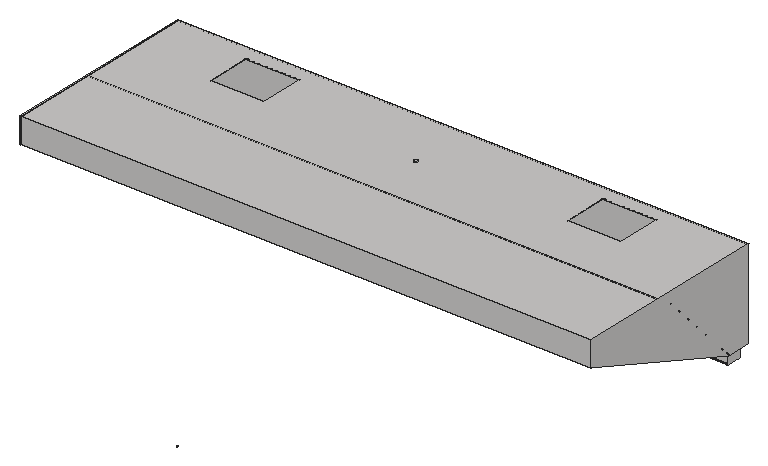
Revit family "QF_ELECTROLUXPROFESSIONAL_644196_AMPV1132BT", category Attrezzature speciali, Revit 2021
Family settings
  Quota connettore circolare = Usa diametro
  Tipo di parte = Normale
  Basato su piano di lavoro = No
  Sempre verticale = Sì
  Taglio con vuoti quando caricato = No
  Condiviso = No
  Punto di calcolo locali = No
Parameters (values of type "Standard")
  Weight = 196.00 kg
  Watts = 840 W
  Volts = 220 V
  URL Manufacturer = "https://www.electroluxprofessional.com/"
  URL = "https://www.electroluxprofessional.com/"
  Steam Supply Size = 0 mm
  Steam Supply Minimum Pressure = 0.0 Pa
  Steam Supply Maximum Pressure = 0.0 Pa
  Steam Consumption per Hour = 0
  Refrigeration Suction Line Size = 0 mm
  Refrigeration Liquid Line Size = 0 mm
  Refrigerant Compressor Remote = yes
  Prospetto di default = 0 mm
  Produttore = "Electrolux Professional"
  Phase = 1
  Modello = "AMPV1132BT"
  Length Actual = 3200 mm  # constant formula
  Item Number = "644196"
  Hot Water Size = 0 mm
  Height Actual = 500 mm  # constant formula
  HP = "1.1 HP"
  Gas Size = 0 mm
  Gas KW = 0
  Gas Input Pressure = 0 W
  Direct Waste Size = 0 mm
  Descrizione = "430 S/S WALL HOOD+FILTERS+FAN 3200X1100"
  Depth Actual = 1100 mm  # constant formula
  Cycle = 50 Hz
  Condensate Return Size = 0 mm
  Compressed Air Volume = 0.0 L/s
  Compressed Air Size = 0 mm
  Compressed Air Pressure = 0.0 Pa
  Cold Water Size = 0 mm
  Accessory = yes
Reference planes
  plane 1 "Center (Front/Back)": y = 0
  plane 2: z = 0
  plane 3 "Center (Left/Right)": x = 150
  plane 4 "LEFT": x = -1450
  plane 5 "RIGHT": x = 1750
  plane 6 "BACK": y = 550
  plane 7 "FRONT": y = -550
  plane 8 "Plane": z = 2000
  plane 9 "TOP": z = 2140
  plane 10 "Base": z = 1640
  plane 11: z = 1566
  plane 12 "DrainY": y = 485
  plane 13: x = -1447
  plane 14: through (0, 414.509, 1640.8) normal (0, 0.7314, 0.682)
  plane 15: y = 470
  plane 16: y = 220
  plane 17 "DrainX": x = 1630
  plane 18: x = -700
  plane 19: x = 1000
  plane 20: x = -1000
  plane 21: x = 1300
  plane 22: x = 1747
  plane 23: x = 1540
  plane 24: x = 1720
  plane 25: x = -1410
  plane 26: x = -1045
  plane 27: x = -650
  plane 28: x = 1710
  plane 29: x = 1345
  plane 30: x = 950
Forms (mm)
  Extrusion 1, solid, material "QF_Finishes_Stainless Steel"
    sketch origin (-1450, 0, 0) x (0, 1, 0) y (0, 0, 1)
      loop
        line (550, 1640) -> (550, 2140) -> (-550, 2140) -> (-550, 1999.112) -> (413.973, 1640) -> (550, 1640)
    from 0 to 3
  Extrusion 2, solid, material "QF_Finishes_Stainless Steel"
    sketch origin (150, 0, 0) x (0, 1, 0) y (0, 0, 1)
      loop
        line (415.255, 1640) -> (550, 1640) -> (550, 2139.19) -> (549.2, 2139.19) -> (549.2, 1640.8) -> (415.876, 1640.8) -> (339.347, 1722.867) -> (349.609, 1732.436) -> (348.927, 1733.167) -> (337.934, 1722.917) -> (415.255, 1640)
      loop
        line (-82.203, 2139.19) -> (-82.203, 2118.6) -> (-31.047, 2118.6) -> (34.354, 2048.466) -> (46.028, 2059.352) -> (45.346, 2060.083) -> (34.403, 2049.879) -> (-30.612, 2119.6) -> (-81.203, 2119.6) -> (-81.203, 2139.19) -> (-82.203, 2139.19)
    from -1597 to 1597
  Extrusion 3, solid, material "QF_Finishes_Stainless Steel"
    sketch origin (1750, 0, 0) x (0, 1, 0) y (0, 0, 1)
      loop
        line (550, 1640) -> (550, 2140) -> (-550, 2140) -> (-550, 1999.112) -> (413.973, 1640) -> (550, 1640)
    from 0 to -3
  Extrusion 4, solid, material "QF_Finishes_Stainless Steel"
    sketch origin (150, 0, 0) x (0, 1, 0) y (0, 0, 1)
      loop
        line (-550, 2140) -> (-550, 2000) -> (-549.2, 2000) -> (-549.2, 2139.19) -> (550, 2139.19) -> (550, 2140) -> (-550, 2140)
    from -1600 to 1600
  Extrusion 5, solid, material "QF_Finishes_Stainless Steel"
    sketch origin (150, 0, 0) x (0, 1, 0) y (0, 0, 1)
      loop
        line (534, 1640) -> (436, 1640) -> (436, 1627) -> (443.5, 1627) -> (443.5, 1576)
        arc (443.5, 1576) -> (446.429, 1568.929) -> (453.5, 1566) r 10
        line (453.5, 1566) -> (516.5, 1566)
        arc (516.5, 1566) -> (523.571, 1568.929) -> (526.5, 1576) r 10
        line (526.5, 1576) -> (526.5, 1627) -> (534, 1627) -> (534, 1640)
    from 1390 to 1570
  Extrusion 6, solid, material "QF_Finishes_Stainless Steel"
    sketch origin (0, 0, 1640) x (0, 1, 0) y (-1, 0, 0)
      loop
        circle (485, -1630) r 20
    from -76 to -74
  Extrusion 7, solid, material "QF_Finished_Chrome"
    sketch origin (150, 0, 0) x (0, 1, 0) y (0, 0, 1)
      loop
        line (337.934, 1722.917) -> (341.591, 1726.327) -> (38.011, 2051.876) -> (34.354, 2048.466) -> (337.934, 1722.917)
    from -1195 to -1560
  Extrusion 8, solid, material "QF_Finished_Chrome"
    sketch origin (150, 0, 0) x (0, 1, 0) y (0, 0, 1)
      loop
        line (337.934, 1722.917) -> (341.591, 1726.327) -> (38.011, 2051.876) -> (34.354, 2048.466) -> (337.934, 1722.917)
    from 800 to -800
  Extrusion 9, solid, material "QF_Finishes_Stainless Steel"
    sketch origin (150, 0, 0) x (0, 1, 0) y (0, 0, 1)
      loop
        line (337.934, 1722.917) -> (341.591, 1726.327) -> (38.011, 2051.876) -> (34.354, 2048.466) -> (337.934, 1722.917)
    from 1597 to 1560
  Extrusion 10, solid, material "QF_Finishes_Stainless Steel"
    sketch origin (150, 0, 0) x (0, 1, 0) y (0, 0, 1)
      loop
        line (341.588, 1726.324) -> (38.009, 2051.874) -> (34.354, 2048.466) -> (337.934, 1722.917) -> (341.588, 1726.324)
    from -1195 to -800
  Extrusion 11, solid, material "QF_Finished_Chrome"
    sketch origin (150, 0, 0) x (0, 1, 0) y (0, 0, 1)
      loop
        line (341.588, 1726.324) -> (38.009, 2051.874) -> (34.354, 2048.466) -> (337.934, 1722.917) -> (341.588, 1726.324)
    from 1195 to 1560
  Extrusion 12, void
    sketch origin (0, 0, 2140) x (0, 1, 0) y (-1, 0, 0)
      loop
        line (470, 1000) -> (220, 1000) -> (220, 700) -> (470, 700) -> (470, 1000)
    from 0 to -10
  Extrusion 13, void
    sketch origin (940, 0, 2140) x (0, 1, 0) y (-1, 0, 0)
      loop
        line (470, -60) -> (220, -60) -> (220, -360) -> (470, -360) -> (470, -60)
    from 0 to -10
  Extrusion 14, solid, material "QF_Finishes_Stainless Steel"
    sketch origin (0, 0, 0) x (1, 0, 0) y (0, 1, 0)
      loop
        line (-1450, 550) -> (-1450, 549) -> (-1449, 549) -> (-1449, 550) -> (-1450, 550)
    from 0 to 1
  Extrusion 15, solid, material "QF_Finishes_Stainless Steel"
    sketch origin (150, 0, 0) x (0, 1, 0) y (0, 0, 1)
      loop
        line (337.934, 1722.917) -> (341.591, 1726.327) -> (38.011, 2051.876) -> (34.354, 2048.466) -> (337.934, 1722.917)
    from -1560 to -1597
  Extrusion 16, solid, material "QF_Finishes_Stainless Steel"
    sketch origin (150, 0, 0) x (0, 1, 0) y (0, 0, -1)
      loop
        line (341.588, -1726.324) -> (337.934, -1722.917) -> (34.354, -2048.466) -> (38.009, -2051.874) -> (341.588, -1726.324)
    from -1195 to -800
  Extrusion 17, solid, material "QF_Finishes_Stainless Steel"
    sketch origin (0, 0, 2140) x (0, 1, 0) y (-1, 0, 0)
      loop
        circle (220, -150) r 10
    from 0 to 1.6
Cuts and joins
  Extrusion 12, Extrusion 13 cuts Extrusion 4
  joined: Extrusion 2, Extrusion 4
Lines and regions (mm)
  reference lines
    curve 1: line (150, 34.354, 2048.466) -> (150, 34.354, 1888.466)
  symbolic lines, style "SpecialityEquipment", detail levels coarse
    curve 2: line (1750, 550, 2140) -> (-1450, 550, 2140)
    curve 3: line (-1450, 550, 2140) -> (-1450, -550, 2140)
    curve 4: line (1750, -550, 2140) -> (1750, 550, 2140)
    curve 5: line (-1450, -550, 2140) -> (1750, -550, 2140)
    curve 6: line (-1000, 220, 2140) -> (-700, 220, 2140)
    curve 7: line (-1000, 470, 2140) -> (-1000, 220, 2140)
    curve 8: line (-700, 470, 2140) -> (-1000, 470, 2140)
    curve 9: line (-700, 220, 2140) -> (-700, 470, 2140)
    curve 10: line (1000, 470, 2140) -> (1000, 220, 2140)
    curve 11: line (1000, 220, 2140) -> (1300, 220, 2140)
    curve 12: line (1300, 470, 2140) -> (1000, 470, 2140)
    curve 13: line (1300, 220, 2140) -> (1300, 470, 2140)
    curve 14: line (-1450, -550, 0) -> (1750, 550, 0)
    curve 15: line (1750, -550, 0) -> (-1450, 550, 0)
Dimensions and locks
  plane 4 "LEFT" to plane 5 "RIGHT" = 3200 mm
  equal spacing: plane 4 "LEFT", plane 3 "Center (Left/Right)", plane 5 "RIGHT"
  locked: plane 8 "Plane" to level at 2000
  plane 9 "TOP" to plane 8 "Plane" = 140 mm
  locked: plane 9 "TOP" to plane 10 "Base" at 500
  plane 10 "Base" to plane 11 = 74 mm
  plane 6 "BACK" to plane 12 "DrainY" = 65 mm  (x2)
  plane 4 "LEFT" to plane 13 = 3 mm
  plane 6 "BACK" to plane 15 = 80 mm
  plane 15 to plane 16 = 250 mm  (x2)
  plane 17 "DrainX" to plane 5 "RIGHT" = 120 mm
  locked: plane 18 to plane 19 at 1700
  equal spacing: plane 18, plane 3 "Center (Left/Right)", plane 19
  plane 20 to plane 18 = 300 mm
  plane 19 to plane 21 = 300 mm
  plane 22 to plane 5 "RIGHT" = 3 mm
  locked: plane 23 to plane 17 "DrainX" at 90
  locked: plane 17 "DrainX" to plane 24 at 90
  plane 6 "BACK" to plane 7 "FRONT" = 1100 mm  (x2)
  equal spacing: plane 6 "BACK", plane 1 "Center (Front/Back)", plane 7 "FRONT"
  plane 16 to plane 7 "FRONT" = 770 mm
  plane 15 to plane 6 "BACK" = 80 mm
  locked: plane 4 "LEFT" to plane 25 at 40
  locked: plane 25 to plane 26 at 365
  locked: plane 26 to plane 27 at 395
  locked: plane 28 to plane 29 at 365
  locked: plane 29 to plane 30 at 395
  locked: plane 28 to plane 5 "RIGHT" at 40
  plane 27 to plane 30 = 1600 mm
  aligned and locked: level to plane 2
  aligned and locked: Extrusion 2 to Extrusion 1
  aligned and locked: Extrusion 2 to Extrusion 3
  aligned and locked: plane 5 "RIGHT" to Extrusion 4
  aligned and locked: Extrusion 4 to plane 4 "LEFT"
  aligned and locked: plane 22 to Extrusion 9
  aligned and locked: plane 20 to Extrusion 12
  aligned and locked: Extrusion 12 to plane 18
  aligned and locked: Extrusion 12 to plane 16
  aligned and locked: Extrusion 12 to plane 15
  aligned and locked: Extrusion 13 to plane 21
  aligned and locked: plane 19 to Extrusion 13
  aligned and locked: Extrusion 2 to Extrusion 4
  aligned and locked: plane 24 to Extrusion 5
  aligned and locked: Extrusion 5 to plane 23
  aligned and locked: Extrusion 9 to plane 28
  aligned and locked: Extrusion 11 to plane 28
  aligned and locked: Extrusion 11 to plane 29
  aligned and locked: Extrusion 8 to plane 30
  aligned and locked: Extrusion 8 to plane 27
  aligned and locked: plane 27 to Extrusion 10
  aligned and locked: Extrusion 10 to plane 26
  aligned and locked: plane 26 to Extrusion 7
  aligned and locked: Extrusion 7 to plane 25
  aligned and locked: Extrusion 15 to plane 13
  aligned and locked: plane 25 to Extrusion 15
  aligned and locked: Extrusion 16 to plane 30
  aligned and locked: Extrusion 16 to plane 29
  aligned and locked: Extrusion 3 to plane 22
Automatic sketch dimensions
  curve 5 to plane 4 "LEFT" = 0 mm
  curve 5 to plane 7 "FRONT" = 0 mm
  curve 9 to plane 16 = 0 mm
  curve 10 to plane 16 = 0 mm
  plane 15 to curve 8 = 0 mm
  plane 15 to curve 12 = 0 mm
  curve 3 to plane 6 "BACK" = 0 mm
  curve 5 to plane 5 "RIGHT" = 0 mm
  curve 11 to plane 21 = 0 mm
  curve 10 to plane 19 = 0 mm
  curve 6 to plane 18 = 0 mm
  curve 6 to plane 20 = 0 mm
  Extrusion 1 sketch curve to plane 7 "FRONT" = 0 mm
  Extrusion 1 sketch curve to plane 10 "Base" = 0 mm
  Extrusion 1 sketch curve to plane 6 "BACK" = 0 mm
  Extrusion 1 sketch curve to plane 9 "TOP" = 0 mm
  plane 15 to Extrusion 1 sketch curve = 56.027 mm
  Extrusion 1 sketch curve to plane 8 "Plane" = 0.888 mm
  Extrusion 2 sketch curve to plane 14 = 0 mm  (x3)
  Extrusion 2 sketch curve to plane 10 "Base" = 0 mm
  plane 14 to Extrusion 2 sketch curve = 0 mm
  Extrusion 2 sketch curve to plane 6 "BACK" = 0 mm
  Extrusion 2 sketch curve to Extrusion 2 sketch curve = 65.646 mm
  Extrusion 2 sketch curve to Extrusion 2 sketch curve = 0.682 mm  (x2)
  Extrusion 2 sketch curve to Extrusion 2 sketch curve = 10.261 mm
  plane 10 "Base" to Extrusion 2 sketch curve = 82.917 mm
  Extrusion 2 sketch curve to plane 1 "Center (Front/Back)" = 46.028 mm
  Extrusion 2 sketch curve to Extrusion 2 sketch curve = 10.942 mm
  Extrusion 2 sketch curve to Extrusion 2 sketch curve = 0.049 mm
  Extrusion 2 sketch curve to plane 9 "TOP" = 20.4 mm
  Extrusion 2 sketch curve to plane 9 "TOP" = 21.4 mm
  Extrusion 2 sketch curve to plane 9 "TOP" = 0.81 mm  (x2)
  Extrusion 2 sketch curve to Extrusion 2 sketch curve = 50.156 mm
  Extrusion 2 sketch curve to Extrusion 2 sketch curve = 1 mm
  plane 10 "Base" to Extrusion 2 sketch curve = 0.8 mm
  Extrusion 2 sketch curve to plane 6 "BACK" = 0.8 mm
  Extrusion 3 sketch curve to plane 7 "FRONT" = 0 mm
  Extrusion 3 sketch curve to plane 10 "Base" = 0 mm
  Extrusion 3 sketch curve to plane 6 "BACK" = 0 mm
  Extrusion 3 sketch curve to plane 9 "TOP" = 0 mm
  plane 15 to Extrusion 3 sketch curve = 56.027 mm
  Extrusion 3 sketch curve to plane 8 "Plane" = 0.888 mm
  Extrusion 4 sketch curve to plane 7 "FRONT" = 0 mm
  Extrusion 4 sketch curve to plane 8 "Plane" = 0 mm
  Extrusion 4 sketch curve to plane 6 "BACK" = 0 mm
  Extrusion 4 sketch curve to plane 9 "TOP" = 0 mm
  plane 7 "FRONT" to Extrusion 4 sketch curve = 0.8 mm
  Extrusion 4 sketch curve to plane 9 "TOP" = 0.81 mm
  curve 1 to plane 14 = 0 mm
  curve 1 to plane 1 "Center (Front/Back)" = 34.354 mm
  curve 1 to plane 8 "Plane" = 111.534 mm
  Extrusion 5 sketch curve to plane 10 "Base" = 0 mm
  Extrusion 5 sketch curve to plane 11 = 0 mm
  Extrusion 5 sketch curve to plane 10 "Base" = 13 mm  (x2)
  plane 15 to Extrusion 5 sketch curve = 34 mm
  Extrusion 5 sketch curve to Extrusion 5 sketch curve = 7.5 mm  (x2)
  Extrusion 5 sketch curve to Extrusion 5 sketch curve = 10 mm
  plane 12 "DrainY" to Extrusion 5 sketch curve = 31.5 mm
  Extrusion 5 sketch curve to plane 6 "BACK" = 23.5 mm
  Extrusion 6 sketch curve to plane 12 "DrainY" = 0 mm
  Extrusion 6 sketch curve to plane 17 "DrainX" = 0 mm
  Extrusion 7 sketch curve to plane 14 = 0 mm  (x2)
  Extrusion 7 sketch curve to plane 1 "Center (Front/Back)" = 34.354 mm
  Extrusion 7 sketch curve to Extrusion 7 sketch curve = 3.657 mm
  plane 10 "Base" to Extrusion 7 sketch curve = 82.917 mm
  Extrusion 8 sketch curve to plane 14 = 0 mm  (x2)
  Extrusion 8 sketch curve to plane 1 "Center (Front/Back)" = 34.354 mm
  Extrusion 8 sketch curve to Extrusion 8 sketch curve = 3.657 mm
  plane 10 "Base" to Extrusion 8 sketch curve = 82.917 mm
  Extrusion 9 sketch curve to plane 14 = 0 mm  (x2)
  Extrusion 9 sketch curve to plane 1 "Center (Front/Back)" = 34.354 mm
  Extrusion 9 sketch curve to Extrusion 9 sketch curve = 3.657 mm
  plane 10 "Base" to Extrusion 9 sketch curve = 82.917 mm
  Extrusion 10 sketch curve to plane 14 = 0 mm  (x2)
  Extrusion 10 sketch curve to plane 1 "Center (Front/Back)" = 34.354 mm
  Extrusion 10 sketch curve to Extrusion 10 sketch curve = 3.655 mm
  plane 10 "Base" to Extrusion 10 sketch curve = 82.917 mm
  Extrusion 11 sketch curve to plane 14 = 0 mm  (x2)
  Extrusion 11 sketch curve to plane 1 "Center (Front/Back)" = 34.354 mm
  Extrusion 11 sketch curve to Extrusion 11 sketch curve = 3.655 mm
  plane 10 "Base" to Extrusion 11 sketch curve = 82.917 mm
  Extrusion 12 sketch curve to plane 16 = 0 mm
  plane 15 to Extrusion 12 sketch curve = 0 mm
  Extrusion 12 sketch curve to plane 18 = 0 mm
  Extrusion 12 sketch curve to plane 20 = 0 mm
  Extrusion 13 sketch curve to plane 16 = 0 mm
  plane 15 to Extrusion 13 sketch curve = 0 mm
  Extrusion 13 sketch curve to plane 21 = 0 mm
  Extrusion 13 sketch curve to plane 19 = 0 mm
  Extrusion 14 sketch curve to plane 4 "LEFT" = 0 mm
  Extrusion 14 sketch curve to plane 6 "BACK" = 0 mm
  plane 4 "LEFT" to Extrusion 14 sketch curve = 1 mm
  Extrusion 14 sketch curve to plane 6 "BACK" = 1 mm
  Extrusion 15 sketch curve to plane 14 = 0 mm  (x2)
  Extrusion 15 sketch curve to plane 1 "Center (Front/Back)" = 34.354 mm
  Extrusion 15 sketch curve to Extrusion 15 sketch curve = 3.657 mm
  plane 10 "Base" to Extrusion 15 sketch curve = 82.917 mm
  Extrusion 16 sketch curve to plane 14 = 0 mm  (x2)
  Extrusion 16 sketch curve to plane 1 "Center (Front/Back)" = 34.354 mm
  Extrusion 16 sketch curve to Extrusion 16 sketch curve = 3.655 mm
  plane 10 "Base" to Extrusion 16 sketch curve = 82.917 mm
  curve 15 to plane 4 "LEFT" = 0 mm
  curve 14 to plane 4 "LEFT" = 0 mm
  curve 15 to plane 5 "RIGHT" = 0 mm
  curve 14 to plane 5 "RIGHT" = 0 mm
  curve 15 to plane 7 "FRONT" = 0 mm
  curve 14 to plane 7 "FRONT" = 0 mm
  curve 15 to plane 6 "BACK" = 0 mm
  curve 14 to plane 6 "BACK" = 0 mm
  Extrusion 17 sketch curve to plane 3 "Center (Left/Right)" = 0 mm
  Extrusion 17 sketch curve to plane 16 = 0 mm
  radius of Extrusion 6 sketch curve = 20 mm
  radius of Extrusion 17 sketch curve = 10 mm
Connectors
  piping at (1630, 485, 1564), diameter 20
    settings: on Extrusion 6, index 1, connector inside diameter 609.6 mm, connector length 0 mm, flow factor 0, pipe flow 0.0 L/s, pressure drop 0.0 Pa, fitting loss kfactor 0, connector angle 0.00°, fixture units 0, engagement length 0 mm, angle of deflection 0.00°, flow configuration 1, flow direction 2, fitting loss method 0, system type 16, joint type 0, gender type 0, connector reference index -1, connector utility 0, adjustable connector no, is connector primary yes, connector description "Drain"
  hvac at (-850, 345, 2140)
    settings: on Extrusion 12, index 2, duct flow 0.0 L/s, flow factor 0, pres drop 0.0 Pa, loss coef 0, conn angle 0.00°, conn width 250 mm, conn height 300 mm, conn diameter 609.6 mm, duct sys type 3, conn prof type 1, flow config 1, flow direction 2, loss method 0, conn ref index -1, conn util no, is conn primary yes, conn desc "EXHAUST OUTLET"
  hvac at (1150, 345, 2140)
    settings: on Extrusion 13, index 3, duct flow 0.0 L/s, flow factor 0, pres drop 0.0 Pa, loss coef 0, conn angle 0.00°, conn width 250 mm, conn height 300 mm, conn diameter 609.6 mm, duct sys type 3, conn prof type 1, flow config 1, flow direction 2, loss method 0, conn ref index -1, conn util no, is conn primary no, conn desc "EXHAUST OUTLET"
  electrical at (150, 220, 2141.6), driven by "Volts"
    settings: on Extrusion 17, index 4, voltage 220 V, apparent load 0 VA, apparent load phase1 0 VA, apparent load phase2 0 VA, apparent load phase3 0 VA, power factor 1, load classification "Other", number of poles 1, system type 30, power factor state 1, is connector primary yes, connector utility no, sub classification motor no, connector description "Electrical Connection"
